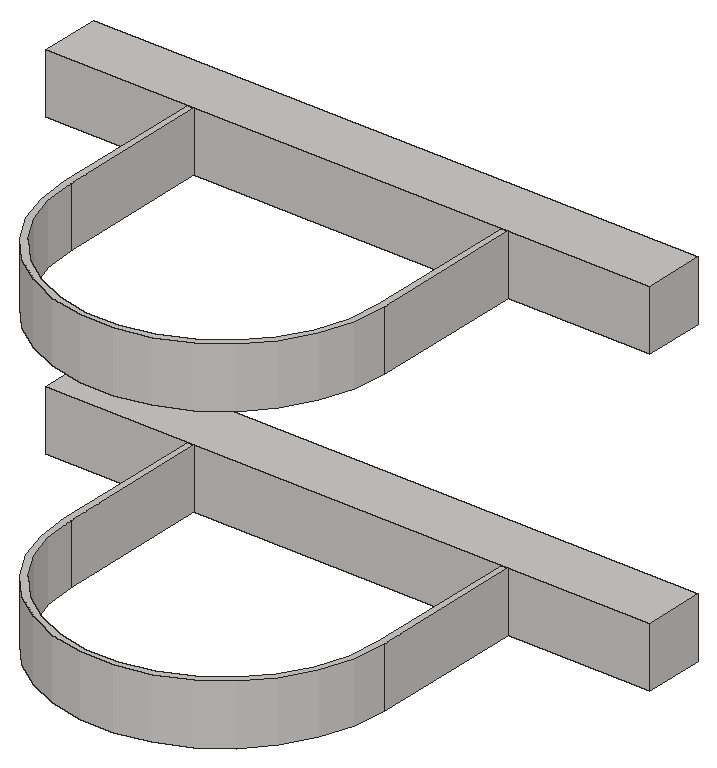
Revit family "Single Container Bracket Assy-JCI_Sapphire_Plus-(70 bar) Novec1230", category Specialty Equipment, Revit 2017
Family settings
  Round Connector Dimension = Use Diameter
  Part Type = Normal
  OmniClass Number = 23.29.33.13.11
  Work Plane-Based = Yes
  Always vertical = No
  Cut with Voids When Loaded = No
  Shared = No
  Room Calculation Point = No
Parameters (values of type "34-45-60-80 L")
  Width = 47.60 mm
  Use Annotation Scale [instance] = 0
  URL = "http://www.sapphireplus.com"
  Upper Brackets Mounting Height = 200.00 mm
  Type Comments = ""
  Pipe Diameter = 12.70 mm
  Part Number = Model  # "311700004"
  Model Disclaimer = "For More Information Contact JOHNSON CONTROLS"  # constant formula
  Model = "311700004"
  Material = JCI - Metal - Steel
  Manufacturer = "Johnson Controls, Inc."  # constant formula
  Length = 47.60 mm
  Lower Brackets Mounting Height = 0.00 mm
  Height = 41.00 mm
  Fire Suppression Agent = "3M™ Novec™ 1230 Fire Protection Fluid"  # constant formula
  Family Version = "1.0"  # constant formula
  Equipment Number = "XXX"  # constant formula
  Equipment Abbreviation = "CB"  # constant formula
  Discharge Flow = 0 GPM
  Diameter = 47.60 mm
  Description = "Container Bracket Assembly-Sapphire Plus"  # constant formula
  Default Elevation = 0.00 mm
  Date Modified = "YYYY/MM/DD"  # constant formula
  Date Created = "2018/10/10"  # constant formula
  Copyright © = "Copyright © 2001-2018 Johnson Controls Inc."  # constant formula
  CONTAINER BRACKET ASSY TYPE = Container Bracket-JCI_Sapphire_Plus-(70 bar)Novec1230 : 15 L
Types (5, lengths in mm): name | Part Number | Model | Material | CONTAINER BRACKET ASSY TYPE
  15 L | "311700002" | "311700002" | JCI - Metal - Steel | Container Bracket-JCI_Sapphire_Plus-(70 bar)Novec1230 : 15 L
  30 L | "311700003" | "311700003" | JCI - Metal - Brass - Satin | Container Bracket-JCI_Sapphire_Plus-(70 bar)Novec1230 : 30 L
  34-45-60-80 L | "311700004" | "311700004" | JCI - Metal - Steel | Container Bracket-JCI_Sapphire_Plus-(70 bar)Novec1230 : 15 L
  120-150 L | "311700005" | "311700005" | JCI - Metal - Brass - Satin | Container Bracket-JCI_Sapphire_Plus-(70 bar)Novec1230 : 120-150 L
  PESO 120-180 L | "311700006" | "311700006" | JCI - Metal - Brass - Satin | Container Bracket-JCI_Sapphire_Plus-(70 bar)Novec1230 : PESO 120-180 L
Reference planes
  plane 1 "Center (Front/Back)": y = 0
  plane 2: z = 0
  plane 3 "Center (Left/Right)": x = 0
  plane 4 "Lower Brackets Mounting Height": z = 0
  plane 5 "Upper Brackets Mounting Height": z = 200
Dimensions and locks
  "Lower Brackets Mounting Height": plane 4 "Lower Brackets Mounting Height" to level
  "Upper Brackets Mounting Height": plane 5 "Upper Brackets Mounting Height" to level
  aligned and locked: level to plane 2
  aligned and locked: plane 3 "Center (Left/Right)" to nested 1
  aligned and locked: plane 1 "Center (Front/Back)" to nested 1
  aligned and locked: plane 3 "Center (Left/Right)" to nested 2
  aligned and locked: plane 1 "Center (Front/Back)" to nested 2
Nested families
  nested 1: "Container Bracket-JCI_Sapphire_Plus-(70 bar)Novec1230" at (0, 0, 200), type <- "CONTAINER BRACKET ASSY TYPE", type "15 L"
    with Use Annotation Scale 0
  nested 2: "Container Bracket-JCI_Sapphire_Plus-(70 bar)Novec1230" at (0, 0, 0), type <- "CONTAINER BRACKET ASSY TYPE", type "15 L"
    with Use Annotation Scale 0
Definition of nested family "Container Bracket-JCI_Sapphire_Plus-(70 bar)Novec1230"
  Parameters (values of type "PESO 120-180 L")
    Width = 47.60 mm
    Use Annotation Scale [instance] = 0
    URL = "http://www.sapphireplus.com"
    Type Comments = ""
    Product Page URL = "http://www.sapphireplus.com"
    Product Documentation Link = "http://www.sapphireplus.com"
    Pipe Diameter = 12.70 mm
    Part Number = Model  # "311700006"
    Part Description = "Container Bracket"  # constant formula
    Model Disclaimer = "For More Information Contact JOHNSON CONTROLS"  # constant formula
    Model = "311700006"
    Material = none
    Manufacturer = "Johnson Controls, Inc."  # constant formula
    Length = 47.60 mm
    Height = 41.00 mm
    Fire Suppression Agent = "3M™ Novec™ 1230 Fire Protection Fluid"  # constant formula
    Family Version = "1.0"  # constant formula
    Equipment Number = ""
    Equipment Abbreviation = "CB"  # constant formula
    Discharge Flow = 0 GPM
    Diameter = 47.60 mm
    Description = "Container Bracket"  # constant formula
    Default Elevation = 0.00 mm
    Date Modified = "YYYY/MM/DD"  # constant formula
    Date Created = "2018/10/10"  # constant formula
    Copyright © = "Copyright © 2001-2018 Johnson Controls Inc."  # constant formula
    Container Size = 406.00 mm
    Channel Length = 600.00 mm
  Types (4, lengths in mm): name | Type Comments | Part Number | Model | Container Size | Channel Length
    15 L | "" | "311700002" | "311700002" | 204.00 | 400.00
    30 L | "" | "311700003" | "311700003" | 229.00 | 400.00
    120-150 L | "311700005" | "311700005" | "311700005" | 360.00 | 600.00
    PESO 120-180 L | "" | "311700006" | "311700006" | 406.00 | 600.00
  Reference planes
    plane 1 "Center (Front/Back)": y = 0
    plane 2: z = 0
    plane 3 "Center (Left/Right)": x = 0
    plane 4 "Container Size Top": y = 203
    plane 5 "Container Size Dia Left": x = -203
    plane 6 "Container Size Dia Right": x = 203
    plane 7 "Container Size Bottom": y = -203
    plane 8 "Channel Length Left": x = -300
    plane 9 "Channel Length Right": x = 300
  Dimensions and locks
    equal spacing: plane 5 "Container Size Dia Left", plane 3 "Center (Left/Right)", plane 6 "Container Size Dia Right"
    equal spacing: plane 4 "Container Size Top", plane 1 "Center (Front/Back)", plane 7 "Container Size Bottom"
    "Container Size": plane 5 "Container Size Dia Left" to plane 6 "Container Size Dia Right"
    "Container Size": plane 4 "Container Size Top" to plane 7 "Container Size Bottom"
    equal spacing: plane 8 "Channel Length Left", plane 3 "Center (Left/Right)", plane 9 "Channel Length Right"
    "Channel Length": plane 8 "Channel Length Left" to plane 9 "Channel Length Right"
    aligned and locked: level to plane 2
    aligned and locked: plane 1 "Center (Front/Back)" to nested 1
    aligned and locked: plane 3 "Center (Left/Right)" to nested 1
    aligned and locked: plane 8 "Channel Length Left" to nested 2
    aligned and locked: nested 2 to plane 4 "Container Size Top"
  Nested families
    nested 1: "Container Strap-JCI_Sapphire_Plus-(70 bar)Novec1230" at (0, 0, 0), CONTAINER SIZE <- "Container Size", type "Container Strap-JCI_Sapphire_Plus-(70 bar)Novec1230"
      with Use Annotation Scale 0, Equipment Tag Number "", CONTAINER SIZE 406.00 mm
    nested 2: "Channel Slotted-JCI_Sapphire_Plus-(70 bar)Novec1230" at (-300, 203, 0), CHANNEL LENGTH <- "Channel Length", type "Channel Slotted-JCI_Sapphire_Plus-(70 bar)Novec1230"
      with Use Annotation Scale 0, Equipment Tag Number "", CHANNEL LENGTH 600.00 mm
  Definition of nested family "Container Strap-JCI_Sapphire_Plus-(70 bar)Novec1230"
    Parameters (values of type "Container Strap-JCI_Sapphire_Plus-(70 bar)Novec1230")
      Width = 47.60 mm
      Use Annotation Scale [instance] = 0
      URL = "http://www.sapphireplus.com"
      Pipe Diameter = 12.70 mm
      Material = none
      Manufacturer = "Johnson Controls, Inc."  # constant formula
      Length = 47.60 mm
      Height = 41.00 mm
      Family Version = "1.0"  # constant formula
      Equipment Tag Number [instance] = ""
      Equipment Tag = "DN"  # constant formula
      Discharge Flow = 0 GPM
      Diameter = 47.60 mm
      Description = "Brass Stainless Steel Aluminium Discharge Nozzle, 180 360 Degree, XXXX Inch BSP NPT"  # constant formula
      Default Elevation = 0.00 mm
      Copyright © = "Copyright © 2001-2018 Johnson Controls Inc."  # constant formula
      CONTAINER SIZE [instance] = 600.00 mm
    Reference planes
      plane 1 "Center (Front/Back)": y = 0
      plane 2: z = 0
      plane 3 "Center (Left/Right)": x = 0
      plane 4: x = -300
      plane 5: y = 300
      plane 6: y = -300
      plane 7: x = 300
      plane 8: x = -304
      plane 9: z = 20
      plane 10: z = -20
    Forms (mm)
      Extrusion 1, solid
        sketch origin (0, 0, 0) x (1, 0, 0) y (0, 1, 0)
          loop
            line (-304, 300) -> (-304, 0)
            arc (-304, 0) -> (0, -304) -> (304, 0) r 304
            line (304, 0) -> (304, 300) -> (300, 300) -> (300, 0)
            arc (300, 0) -> (0, -300) -> (-300, 0) r 300
            line (-300, 0) -> (-300, 300) -> (-304, 300)
        from -20 to 20
    Dimensions and locks
      equal spacing: plane 4, plane 3 "Center (Left/Right)", plane 7
      equal spacing: plane 6, plane 1 "Center (Front/Back)", plane 5
      "CONTAINER SIZE": plane 4 to plane 7
      "CONTAINER SIZE": plane 5 to plane 6
      locked: plane 8 to plane 4 at 4
      equal spacing: plane 9, plane 2, plane 10
      locked: plane 9 to plane 10 at 40
      aligned and locked: level to plane 2
      aligned and locked: Extrusion 1 sketch curve to plane 5
      aligned and locked: plane 5 to Extrusion 1 sketch curve
      aligned and locked: Extrusion 1 sketch curve to plane 7
      aligned and locked: Extrusion 1 sketch curve to plane 4
      aligned and locked: Extrusion 1 sketch curve to plane 8
      aligned and locked: plane 10 to Extrusion 1
      aligned and locked: plane 9 to Extrusion 1
    Automatic sketch dimensions
      Extrusion 1 sketch curve to Extrusion 1 sketch curve = 0.00 mm  (x2)
      plane 1 "Center (Front/Back)" to Extrusion 1 sketch curve = 0.00 mm
  Definition of nested family "Channel Slotted-JCI_Sapphire_Plus-(70 bar)Novec1230"
    Parameters (values of type "Channel Slotted-JCI_Sapphire_Plus-(70 bar)Novec1230")
      Width = 47.60 mm
      Use Annotation Scale [instance] = 0
      URL = "http://www.sapphireplus.com"
      Pipe Diameter = 12.70 mm
      Material = none
      Manufacturer = "Johnson Controls, Inc."  # constant formula
      Length = 47.60 mm
      Height = 41.00 mm
      Family Version = "1.0"  # constant formula
      Equipment Tag Number [instance] = ""
      Equipment Tag = "DN"  # constant formula
      Discharge Flow = 0 GPM
      Diameter = 47.60 mm
      Description = "Brass Stainless Steel Aluminium Discharge Nozzle, 180 360 Degree, XXXX Inch BSP NPT"  # constant formula
      Default Elevation = 0.00 mm
      Copyright © = "Copyright © 2001-2018 Johnson Controls Inc."  # constant formula
      CHANNEL LENGTH [instance] = 600.00 mm
    Reference planes
      plane 1 "Center (Front/Back)": y = 0
      plane 2: z = 0
      plane 3 "Center (Left/Right)": x = 0
      plane 4: y = 40
      plane 5: x = 600
      plane 6: z = 20
      plane 7: z = -20
    Forms (mm)
      Extrusion 1, solid
        sketch origin (0, 0, 0) x (1, 0, 0) y (0, 1, 0)
          loop
            line (0, 0) -> (600, 0) -> (600, 40) -> (0, 40) -> (0, 0)
        from -20 to 20
    Dimensions and locks
      locked: plane 4 to plane 1 "Center (Front/Back)" at 40
      "CHANNEL LENGTH": plane 3 "Center (Left/Right)" to plane 5
      equal spacing: plane 6, plane 2, plane 7
      locked: plane 6 to plane 7 at 40
      aligned and locked: level to plane 2
      aligned and locked: plane 1 "Center (Front/Back)" to Extrusion 1 sketch curve
      aligned and locked: Extrusion 1 sketch curve to plane 3 "Center (Left/Right)"
      aligned and locked: plane 4 to Extrusion 1 sketch curve
      aligned and locked: plane 5 to Extrusion 1 sketch curve
      aligned and locked: plane 7 to Extrusion 1
      aligned and locked: plane 6 to Extrusion 1
